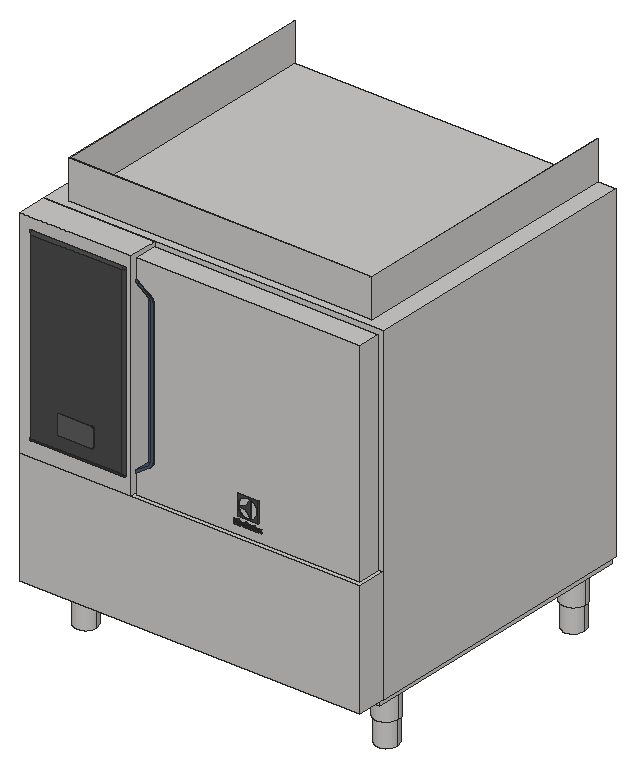
Revit family "QF_ELECTROLUXPROFESSIONAL_727729_EBFA61WE", category Specialty Equipment, Revit 2018 (continued)
Automatic sketch dimensions
  Split face 48 sketch curve to Extrusion 9 = 377.596 mm
  Split face 48 sketch curve to Split face 48 sketch curve = 110.015 mm
  Split face 48 sketch curve to Split face 48 sketch curve = 5.027 mm
  Split face 49 sketch curve to Extrusion 9 = 62.231 mm
  Split face 49 sketch curve to Extrusion 9 = 377.596 mm
  Split face 49 sketch curve to Split face 49 sketch curve = 110.015 mm
  Split face 49 sketch curve to Split face 49 sketch curve = 5.027 mm
  Split face 50 sketch curve to Extrusion 9 = 52.758 mm
  Split face 50 sketch curve to Extrusion 9 = 377.596 mm
  Split face 50 sketch curve to Extrusion 9 = 47.731 mm
  Split face 50 sketch curve to Split face 50 sketch curve = 110.015 mm
  Split face 51 sketch curve to Extrusion 9 = 43.286 mm
  Split face 51 sketch curve to Extrusion 9 = 377.596 mm
  Split face 51 sketch curve to Extrusion 9 = 38.259 mm
  Split face 51 sketch curve to Split face 51 sketch curve = 110.015 mm
  Split face 52 sketch curve to Extrusion 9 = 33.814 mm
  Split face 52 sketch curve to Extrusion 9 = 377.596 mm
  Split face 52 sketch curve to Extrusion 9 = 28.787 mm
  Split face 52 sketch curve to Split face 52 sketch curve = 110.015 mm
  Split face 53 sketch curve to Extrusion 9 = 31.361 mm
  Split face 53 sketch curve to Extrusion 9 = 262.581 mm
  Split face 53 sketch curve to Extrusion 9 = 36.388 mm
  Split face 53 sketch curve to Split face 53 sketch curve = 110.015 mm
  Split face 54 sketch curve to Extrusion 9 = 40.833 mm
  Split face 54 sketch curve to Extrusion 9 = 262.581 mm
  Split face 54 sketch curve to Extrusion 9 = 45.86 mm
  Split face 54 sketch curve to Split face 54 sketch curve = 110.015 mm
  Split face 55 sketch curve to Extrusion 9 = 50.305 mm
  Split face 55 sketch curve to Extrusion 9 = 262.581 mm
  Split face 55 sketch curve to Split face 55 sketch curve = 110.015 mm
  Split face 55 sketch curve to Split face 55 sketch curve = 5.027 mm
  Split face 56 sketch curve to Extrusion 9 = 59.777 mm
  Split face 56 sketch curve to Extrusion 9 = 262.581 mm
  Split face 56 sketch curve to Split face 56 sketch curve = 110.015 mm
  Split face 56 sketch curve to Split face 56 sketch curve = 5.027 mm
  Split face 57 sketch curve to Extrusion 9 = 69.25 mm
  Split face 57 sketch curve to Extrusion 9 = 262.581 mm
  Split face 57 sketch curve to Split face 57 sketch curve = 110.015 mm
  Split face 57 sketch curve to Split face 57 sketch curve = 5.027 mm
  Split face 58 sketch curve to Extrusion 9 = 78.722 mm
  Split face 58 sketch curve to Extrusion 9 = 262.581 mm
  Split face 58 sketch curve to Split face 58 sketch curve = 110.015 mm
  Split face 58 sketch curve to Split face 58 sketch curve = 5.027 mm
  Split face 59 sketch curve to Extrusion 9 = 88.194 mm
  Split face 59 sketch curve to Extrusion 9 = 262.581 mm
  Split face 59 sketch curve to Split face 59 sketch curve = 110.015 mm
  Split face 59 sketch curve to Split face 59 sketch curve = 5.027 mm
  Split face 60 sketch curve to Extrusion 9 = 97.666 mm
  Split face 60 sketch curve to Extrusion 9 = 262.581 mm
  Split face 60 sketch curve to Split face 60 sketch curve = 110.015 mm
  Split face 60 sketch curve to Split face 60 sketch curve = 5.027 mm
  Split face 61 sketch curve to Extrusion 9 = 107.138 mm
  Split face 61 sketch curve to Extrusion 9 = 262.581 mm
  Split face 61 sketch curve to Split face 61 sketch curve = 110.015 mm
  Split face 61 sketch curve to Split face 61 sketch curve = 5.027 mm
  Split face 62 sketch curve to Extrusion 9 = 116.611 mm
  Split face 62 sketch curve to Extrusion 9 = 262.581 mm
  Split face 62 sketch curve to Split face 62 sketch curve = 110.015 mm
  Split face 62 sketch curve to Split face 62 sketch curve = 5.027 mm
  Split face 63 sketch curve to Extrusion 9 = 126.083 mm
  Split face 63 sketch curve to Extrusion 9 = 262.581 mm
  Split face 63 sketch curve to Split face 63 sketch curve = 110.015 mm
  Split face 63 sketch curve to Split face 63 sketch curve = 5.027 mm
  Split face 64 sketch curve to Extrusion 9 = 262.581 mm
  Split face 64 sketch curve to Split face 64 sketch curve = 110.015 mm
  Split face 64 sketch curve to Extrusion 9 = 135.555 mm
  Split face 64 sketch curve to Split face 64 sketch curve = 5.027 mm
  Split face 65 sketch curve to Extrusion 9 = 262.581 mm
  Split face 65 sketch curve to Split face 65 sketch curve = 110.015 mm
  Split face 65 sketch curve to Extrusion 9 = 145.027 mm
  Split face 65 sketch curve to Split face 65 sketch curve = 5.027 mm
  Split face 66 sketch curve to Extrusion 9 = 262.581 mm
  Split face 66 sketch curve to Split face 66 sketch curve = 110.015 mm
  Split face 66 sketch curve to Extrusion 9 = 147.48 mm
  Split face 66 sketch curve to Split face 66 sketch curve = 5.027 mm
  Split face 67 sketch curve to Extrusion 9 = 262.581 mm
  Split face 67 sketch curve to Split face 67 sketch curve = 110.015 mm
  Split face 67 sketch curve to Extrusion 9 = 138.008 mm
  Split face 67 sketch curve to Split face 67 sketch curve = 5.027 mm
  Split face 68 sketch curve to Extrusion 9 = 128.536 mm
  Split face 68 sketch curve to Extrusion 9 = 262.581 mm
  Split face 68 sketch curve to Split face 68 sketch curve = 110.015 mm
  Split face 68 sketch curve to Split face 68 sketch curve = 5.027 mm
  Split face 69 sketch curve to Extrusion 9 = 119.064 mm
  Split face 69 sketch curve to Extrusion 9 = 262.581 mm
  Split face 69 sketch curve to Split face 69 sketch curve = 110.015 mm
  Split face 69 sketch curve to Split face 69 sketch curve = 5.027 mm
  Split face 70 sketch curve to Extrusion 9 = 109.592 mm
  Split face 70 sketch curve to Extrusion 9 = 262.581 mm
  Split face 70 sketch curve to Split face 70 sketch curve = 110.015 mm
  Split face 70 sketch curve to Split face 70 sketch curve = 5.027 mm
  Split face 71 sketch curve to Extrusion 9 = 100.119 mm
  Split face 71 sketch curve to Extrusion 9 = 262.581 mm
  Split face 71 sketch curve to Split face 71 sketch curve = 110.015 mm
  Split face 71 sketch curve to Split face 71 sketch curve = 5.027 mm
  Split face 72 sketch curve to Extrusion 9 = 90.647 mm
  Split face 72 sketch curve to Extrusion 9 = 262.581 mm
  Split face 72 sketch curve to Split face 72 sketch curve = 110.015 mm
  Split face 72 sketch curve to Split face 72 sketch curve = 5.027 mm
  Split face 73 sketch curve to Extrusion 9 = 81.175 mm
  Split face 73 sketch curve to Extrusion 9 = 262.581 mm
  Split face 73 sketch curve to Split face 73 sketch curve = 110.015 mm
  Split face 73 sketch curve to Split face 73 sketch curve = 5.027 mm
  Split face 74 sketch curve to Extrusion 9 = 71.703 mm
  Split face 74 sketch curve to Extrusion 9 = 262.581 mm
  Split face 74 sketch curve to Split face 74 sketch curve = 110.015 mm
  Split face 74 sketch curve to Split face 74 sketch curve = 5.027 mm
  Split face 75 sketch curve to Extrusion 9 = 62.231 mm
  Split face 75 sketch curve to Extrusion 9 = 262.581 mm
  Split face 75 sketch curve to Split face 75 sketch curve = 110.015 mm
  Split face 75 sketch curve to Split face 75 sketch curve = 5.027 mm
  Split face 76 sketch curve to Extrusion 9 = 52.758 mm
  Split face 76 sketch curve to Extrusion 9 = 262.581 mm
  Split face 76 sketch curve to Extrusion 9 = 47.731 mm
  Split face 76 sketch curve to Split face 76 sketch curve = 110.015 mm
  Split face 77 sketch curve to Extrusion 9 = 43.286 mm
  Split face 77 sketch curve to Extrusion 9 = 262.581 mm
  Split face 77 sketch curve to Extrusion 9 = 38.259 mm
  Split face 77 sketch curve to Split face 77 sketch curve = 110.015 mm
  Split face 78 sketch curve to Extrusion 9 = 33.814 mm
  Split face 78 sketch curve to Extrusion 9 = 262.581 mm
  Split face 78 sketch curve to Extrusion 9 = 28.787 mm
  Split face 78 sketch curve to Split face 78 sketch curve = 110.015 mm
  Split face 79 sketch curve to Extrusion 9 = 31.361 mm
  Split face 79 sketch curve to Extrusion 9 = 147.565 mm
  Split face 79 sketch curve to Extrusion 9 = 36.388 mm
  Split face 79 sketch curve to Split face 79 sketch curve = 110.015 mm
  Split face 80 sketch curve to Extrusion 9 = 40.833 mm
  Split face 80 sketch curve to Extrusion 9 = 147.565 mm
  Split face 80 sketch curve to Extrusion 9 = 45.86 mm
  Split face 80 sketch curve to Split face 80 sketch curve = 110.015 mm
  Split face 81 sketch curve to Extrusion 9 = 50.305 mm
  Split face 81 sketch curve to Extrusion 9 = 147.565 mm
  Split face 81 sketch curve to Split face 81 sketch curve = 110.015 mm
  Split face 81 sketch curve to Split face 81 sketch curve = 5.027 mm
  Split face 82 sketch curve to Extrusion 9 = 59.777 mm
  Split face 82 sketch curve to Extrusion 9 = 147.565 mm
  Split face 82 sketch curve to Split face 82 sketch curve = 110.015 mm
  Split face 82 sketch curve to Split face 82 sketch curve = 5.027 mm
  Split face 83 sketch curve to Extrusion 9 = 69.25 mm
  Split face 83 sketch curve to Extrusion 9 = 147.565 mm
  Split face 83 sketch curve to Split face 83 sketch curve = 110.015 mm
  Split face 83 sketch curve to Split face 83 sketch curve = 5.027 mm
  Split face 84 sketch curve to Extrusion 9 = 147.565 mm
  Split face 84 sketch curve to Split face 84 sketch curve = 110.015 mm
  Split face 84 sketch curve to Extrusion 9 = 78.722 mm
  Split face 84 sketch curve to Split face 84 sketch curve = 5.027 mm
  Split face 85 sketch curve to Extrusion 9 = 147.565 mm
  Split face 85 sketch curve to Split face 85 sketch curve = 110.015 mm
  Split face 85 sketch curve to Extrusion 9 = 88.194 mm
  Split face 85 sketch curve to Split face 85 sketch curve = 5.027 mm
  Split face 86 sketch curve to Extrusion 9 = 147.565 mm
  Split face 86 sketch curve to Split face 86 sketch curve = 110.015 mm
  Split face 86 sketch curve to Extrusion 9 = 97.666 mm
  Split face 86 sketch curve to Split face 86 sketch curve = 5.027 mm
  Split face 87 sketch curve to Extrusion 9 = 147.565 mm
  Split face 87 sketch curve to Split face 87 sketch curve = 110.015 mm
  Split face 87 sketch curve to Extrusion 9 = 107.138 mm
  Split face 87 sketch curve to Split face 87 sketch curve = 5.027 mm
  Split face 88 sketch curve to Extrusion 9 = 147.565 mm
  Split face 88 sketch curve to Split face 88 sketch curve = 110.015 mm
  Split face 88 sketch curve to Extrusion 9 = 116.611 mm
  Split face 88 sketch curve to Split face 88 sketch curve = 5.027 mm
  Split face 89 sketch curve to Extrusion 9 = 147.565 mm
  Split face 89 sketch curve to Split face 89 sketch curve = 110.015 mm
  Split face 89 sketch curve to Extrusion 9 = 126.083 mm
  Split face 89 sketch curve to Split face 89 sketch curve = 5.027 mm
  Split face 90 sketch curve to Extrusion 9 = 147.565 mm
  Split face 90 sketch curve to Split face 90 sketch curve = 110.015 mm
  Split face 90 sketch curve to Extrusion 9 = 135.555 mm
  Split face 90 sketch curve to Split face 90 sketch curve = 5.027 mm
  Split face 91 sketch curve to Extrusion 9 = 147.565 mm
  Split face 91 sketch curve to Split face 91 sketch curve = 110.015 mm
  Split face 91 sketch curve to Extrusion 9 = 145.027 mm
  Split face 91 sketch curve to Split face 91 sketch curve = 5.027 mm
  Split face 92 sketch curve to Extrusion 9 = 147.565 mm
  Split face 92 sketch curve to Split face 92 sketch curve = 110.015 mm
  Split face 92 sketch curve to Extrusion 9 = 147.48 mm
  Split face 92 sketch curve to Split face 92 sketch curve = 5.027 mm
  Split face 93 sketch curve to Extrusion 9 = 147.565 mm
  Split face 93 sketch curve to Split face 93 sketch curve = 110.015 mm
  Split face 93 sketch curve to Extrusion 9 = 138.008 mm
  Split face 93 sketch curve to Split face 93 sketch curve = 5.027 mm
  Split face 94 sketch curve to Extrusion 9 = 147.565 mm
  Split face 94 sketch curve to Split face 94 sketch curve = 110.015 mm
  Split face 94 sketch curve to Extrusion 9 = 128.536 mm
  Split face 94 sketch curve to Split face 94 sketch curve = 5.027 mm
  Split face 95 sketch curve to Extrusion 9 = 147.565 mm
  Split face 95 sketch curve to Split face 95 sketch curve = 110.015 mm
  Split face 95 sketch curve to Extrusion 9 = 119.064 mm
  Split face 95 sketch curve to Split face 95 sketch curve = 5.027 mm
  Split face 96 sketch curve to Extrusion 9 = 147.565 mm
  Split face 96 sketch curve to Split face 96 sketch curve = 110.015 mm
  Split face 96 sketch curve to Extrusion 9 = 109.592 mm
  Split face 96 sketch curve to Split face 96 sketch curve = 5.027 mm
  Split face 97 sketch curve to Extrusion 9 = 147.565 mm
  Split face 97 sketch curve to Split face 97 sketch curve = 110.015 mm
  Split face 97 sketch curve to Extrusion 9 = 100.119 mm
  Split face 97 sketch curve to Split face 97 sketch curve = 5.027 mm
  Split face 98 sketch curve to Extrusion 9 = 147.565 mm
  Split face 98 sketch curve to Split face 98 sketch curve = 110.015 mm
  Split face 98 sketch curve to Extrusion 9 = 90.647 mm
  Split face 98 sketch curve to Split face 98 sketch curve = 5.027 mm
  Split face 99 sketch curve to Extrusion 9 = 147.565 mm
  Split face 99 sketch curve to Split face 99 sketch curve = 110.015 mm
  Split face 99 sketch curve to Extrusion 9 = 81.175 mm
  Split face 99 sketch curve to Split face 99 sketch curve = 5.027 mm
  Split face 100 sketch curve to Extrusion 9 = 71.703 mm
  Split face 100 sketch curve to Extrusion 9 = 147.565 mm
  Split face 100 sketch curve to Split face 100 sketch curve = 110.015 mm
  Split face 100 sketch curve to Split face 100 sketch curve = 5.027 mm
  Split face 101 sketch curve to Extrusion 9 = 62.231 mm
  Split face 101 sketch curve to Extrusion 9 = 147.565 mm
  Split face 101 sketch curve to Split face 101 sketch curve = 110.015 mm
  Split face 101 sketch curve to Split face 101 sketch curve = 5.027 mm
  Split face 102 sketch curve to Extrusion 9 = 52.758 mm
  Split face 102 sketch curve to Extrusion 9 = 147.565 mm
  Split face 102 sketch curve to Extrusion 9 = 47.731 mm
  Split face 102 sketch curve to Split face 102 sketch curve = 110.015 mm
  Split face 103 sketch curve to Extrusion 9 = 43.286 mm
  Split face 103 sketch curve to Extrusion 9 = 147.565 mm
  Split face 103 sketch curve to Extrusion 9 = 38.259 mm
  Split face 103 sketch curve to Split face 103 sketch curve = 110.015 mm
  Split face 104 sketch curve to Extrusion 9 = 33.814 mm
  Split face 104 sketch curve to Extrusion 9 = 147.565 mm
  Split face 104 sketch curve to Extrusion 9 = 28.787 mm
  Split face 104 sketch curve to Split face 104 sketch curve = 110.015 mm
  Split face 105 sketch curve to Extrusion 9 = 32.55 mm
  Split face 105 sketch curve to Extrusion 9 = 36.388 mm
  Split face 105 sketch curve to Split face 105 sketch curve = 110.015 mm
  Split face 105 sketch curve to Split face 105 sketch curve = 5.027 mm
  Split face 106 sketch curve to Extrusion 9 = 32.55 mm
  Split face 106 sketch curve to Extrusion 9 = 45.86 mm
  Split face 106 sketch curve to Split face 106 sketch curve = 110.015 mm
  Split face 106 sketch curve to Split face 106 sketch curve = 5.027 mm
  Split face 107 sketch curve to Extrusion 9 = 32.55 mm
  Split face 107 sketch curve to Split face 107 sketch curve = 110.015 mm
  Split face 107 sketch curve to Extrusion 9 = 50.305 mm
  Split face 107 sketch curve to Split face 107 sketch curve = 5.027 mm
  Split face 108 sketch curve to Extrusion 9 = 32.55 mm
  Split face 108 sketch curve to Split face 108 sketch curve = 110.015 mm
  Split face 108 sketch curve to Extrusion 9 = 59.777 mm
  Split face 108 sketch curve to Split face 108 sketch curve = 5.027 mm
  Split face 109 sketch curve to Extrusion 9 = 32.55 mm
  Split face 109 sketch curve to Split face 109 sketch curve = 110.015 mm
  Split face 109 sketch curve to Extrusion 9 = 69.25 mm
  Split face 109 sketch curve to Split face 109 sketch curve = 5.027 mm
  Split face 110 sketch curve to Extrusion 9 = 32.55 mm
  Split face 110 sketch curve to Split face 110 sketch curve = 110.015 mm
  Split face 110 sketch curve to Extrusion 9 = 78.722 mm
  Split face 110 sketch curve to Split face 110 sketch curve = 5.027 mm
  Split face 111 sketch curve to Extrusion 9 = 32.55 mm
  Split face 111 sketch curve to Split face 111 sketch curve = 110.015 mm
  Split face 111 sketch curve to Extrusion 9 = 88.194 mm
  Split face 111 sketch curve to Split face 111 sketch curve = 5.027 mm
  Split face 112 sketch curve to Extrusion 9 = 32.55 mm
  Split face 112 sketch curve to Split face 112 sketch curve = 110.015 mm
  Split face 112 sketch curve to Extrusion 9 = 97.666 mm
  Split face 112 sketch curve to Split face 112 sketch curve = 5.027 mm
  Split face 113 sketch curve to Extrusion 9 = 32.55 mm
  Split face 113 sketch curve to Split face 113 sketch curve = 110.015 mm
  Split face 113 sketch curve to Extrusion 9 = 107.138 mm
  Split face 113 sketch curve to Split face 113 sketch curve = 5.027 mm
  Split face 114 sketch curve to Extrusion 9 = 32.55 mm
  Split face 114 sketch curve to Split face 114 sketch curve = 110.015 mm
  Split face 114 sketch curve to Extrusion 9 = 116.611 mm
  Split face 114 sketch curve to Split face 114 sketch curve = 5.027 mm
  Split face 115 sketch curve to Extrusion 9 = 32.55 mm
  Split face 115 sketch curve to Split face 115 sketch curve = 110.015 mm
  Split face 115 sketch curve to Extrusion 9 = 126.083 mm
  Split face 115 sketch curve to Split face 115 sketch curve = 5.027 mm
  Split face 116 sketch curve to Extrusion 9 = 32.55 mm
  Split face 116 sketch curve to Split face 116 sketch curve = 110.015 mm
  Split face 116 sketch curve to Extrusion 9 = 135.555 mm
  Split face 116 sketch curve to Split face 116 sketch curve = 5.027 mm
  Split face 117 sketch curve to Extrusion 9 = 32.55 mm
  Split face 117 sketch curve to Split face 117 sketch curve = 110.015 mm
  Split face 117 sketch curve to Extrusion 9 = 145.027 mm
  Split face 117 sketch curve to Split face 117 sketch curve = 5.027 mm
  Split face 118 sketch curve to Extrusion 9 = 32.55 mm
  Split face 118 sketch curve to Split face 118 sketch curve = 110.015 mm
  Split face 118 sketch curve to Extrusion 9 = 147.48 mm
  Split face 118 sketch curve to Split face 118 sketch curve = 5.027 mm
  Split face 119 sketch curve to Extrusion 9 = 32.55 mm
  Split face 119 sketch curve to Split face 119 sketch curve = 110.015 mm
  Split face 119 sketch curve to Extrusion 9 = 138.008 mm
  Split face 119 sketch curve to Split face 119 sketch curve = 5.027 mm
  Split face 120 sketch curve to Extrusion 9 = 32.55 mm
  Split face 120 sketch curve to Split face 120 sketch curve = 110.015 mm
  Split face 120 sketch curve to Extrusion 9 = 128.536 mm
  Split face 120 sketch curve to Split face 120 sketch curve = 5.027 mm
  Split face 121 sketch curve to Extrusion 9 = 32.55 mm
  Split face 121 sketch curve to Split face 121 sketch curve = 110.015 mm
  Split face 121 sketch curve to Extrusion 9 = 119.064 mm
  Split face 121 sketch curve to Split face 121 sketch curve = 5.027 mm
  Split face 122 sketch curve to Extrusion 9 = 32.55 mm
  Split face 122 sketch curve to Split face 122 sketch curve = 110.015 mm
  Split face 122 sketch curve to Extrusion 9 = 109.592 mm
  Split face 122 sketch curve to Split face 122 sketch curve = 5.027 mm
  Split face 123 sketch curve to Extrusion 9 = 32.55 mm
  Split face 123 sketch curve to Split face 123 sketch curve = 110.015 mm
  Split face 123 sketch curve to Extrusion 9 = 100.119 mm
  Split face 123 sketch curve to Split face 123 sketch curve = 5.027 mm
  Split face 124 sketch curve to Extrusion 9 = 32.55 mm
  Split face 124 sketch curve to Split face 124 sketch curve = 110.015 mm
  Split face 124 sketch curve to Extrusion 9 = 90.647 mm
  Split face 124 sketch curve to Split face 124 sketch curve = 5.027 mm
  Split face 125 sketch curve to Extrusion 9 = 32.55 mm
  Split face 125 sketch curve to Split face 125 sketch curve = 110.015 mm
  Split face 125 sketch curve to Extrusion 9 = 81.175 mm
  Split face 125 sketch curve to Split face 125 sketch curve = 5.027 mm
  Split face 126 sketch curve to Extrusion 9 = 32.55 mm
  Split face 126 sketch curve to Split face 126 sketch curve = 110.015 mm
  Split face 126 sketch curve to Extrusion 9 = 71.703 mm
  Split face 126 sketch curve to Split face 126 sketch curve = 5.027 mm
  Split face 127 sketch curve to Extrusion 9 = 32.55 mm
  Split face 127 sketch curve to Split face 127 sketch curve = 110.015 mm
  Split face 127 sketch curve to Extrusion 9 = 62.231 mm
  Split face 127 sketch curve to Split face 127 sketch curve = 5.027 mm
  Split face 128 sketch curve to Extrusion 9 = 32.55 mm
  Split face 128 sketch curve to Extrusion 9 = 47.731 mm
  Split face 128 sketch curve to Split face 128 sketch curve = 110.015 mm
  Split face 128 sketch curve to Split face 128 sketch curve = 5.027 mm
  Split face 129 sketch curve to Extrusion 9 = 32.55 mm
  Split face 129 sketch curve to Extrusion 9 = 38.259 mm
  Split face 129 sketch curve to Split face 129 sketch curve = 110.015 mm
  Split face 129 sketch curve to Split face 129 sketch curve = 5.027 mm
  Split face 130 sketch curve to Extrusion 9 = 32.55 mm
  Split face 130 sketch curve to Extrusion 9 = 28.787 mm
  Split face 130 sketch curve to Split face 130 sketch curve = 110.015 mm
  Split face 130 sketch curve to Split face 130 sketch curve = 5.027 mm
  Extrusion 12 sketch curve to plane 5 "BACK" = 0 mm  (x2)
  Extrusion 12 sketch curve to plane 14 = 0 mm  (x2)
  Extrusion 12 sketch curve to plane 3 "Center Y" = 141.58 mm
  Extrusion 12 sketch curve to Extrusion 12 sketch curve = 1.631 mm  (x2)
  Extrusion 12 sketch curve to Extrusion 12 sketch curve = 9.723 mm
  plane 9 to Extrusion 12 sketch curve = 80.967 mm
  plane 9 to Extrusion 12 sketch curve = 72.875 mm
  Extrusion 13 sketch curve to plane 13 "TOP" = 0.005 mm
  plane 7 "FRONT" to Extrusion 13 sketch curve = 0 mm
  plane 15 to Extrusion 13 sketch curve = 47.24 mm
  Extrusion 13 sketch curve to Extrusion 13 sketch curve = 8.487 mm
  Extrusion 13 sketch curve to Extrusion 13 sketch curve = 8.95 mm
  Extrusion 13 sketch curve to Extrusion 13 sketch curve = 10.513 mm
  Extrusion 13 sketch curve to Extrusion 13 sketch curve = 20 mm
  Extrusion 13 sketch curve to Extrusion 13 sketch curve = 35.79 mm
  Extrusion 13 sketch curve to Extrusion 13 sketch curve = 36.253 mm
  Extrusion 13 sketch curve to Extrusion 13 sketch curve = 51.135 mm
  Extrusion 13 sketch curve to Extrusion 13 sketch curve = 24.082 mm
  Extrusion 13 sketch curve to Extrusion 13 sketch curve = 374.913 mm
  Extrusion 13 sketch curve to Extrusion 13 sketch curve = 23.723 mm
  plane 8 to Extrusion 13 sketch curve = 332.497 mm
  Extrusion 14 sketch curve to Extrusion 13 = 0 mm  (x6)
  Extrusion 13 to Extrusion 14 sketch curve = 0 mm  (x2)
  Extrusion 13 to Extrusion 14 sketch curve = 8.487 mm
  Extrusion 13 to Extrusion 14 sketch curve = 8.95 mm
  Extrusion 14 sketch curve to Extrusion 14 sketch curve = 11.05 mm
  Extrusion 15 sketch curve to Extrusion 15 sketch curve = 0 mm  (x2)
  Extrusion 15 sketch curve to Extrusion 13 = 0 mm  (x5)
  Extrusion 13 to Extrusion 15 sketch curve = 2.5 mm  (x2)
  Extrusion 15 sketch curve to Extrusion 15 sketch curve = 13.5 mm
  Extrusion 13 to Extrusion 15 sketch curve = 12.541 mm
  Extrusion 15 sketch curve to Extrusion 15 sketch curve = 5.583 mm
  Extrusion 15 sketch curve to Extrusion 15 sketch curve = 3.591 mm
  Extrusion 15 sketch curve to Extrusion 15 sketch curve = 3.597 mm
  Extrusion 15 sketch curve to Extrusion 15 sketch curve = 6.141 mm
  Extrusion 15 sketch curve to Extrusion 15 sketch curve = 6.143 mm
  Extrusion 16 sketch curve to plane 7 "FRONT" = 0 mm
  plane 15 to Extrusion 16 sketch curve = 2.5 mm
  Extrusion 16 sketch curve to plane 11 = 2 mm
  Extrusion 16 sketch curve to plane 6 "RIGHT" = 21.029 mm
  plane 7 "FRONT" to Extrusion 16 sketch curve = 16.966 mm
  curve 15 to plane 7 "FRONT" = 0 mm
  curve 3 to plane 6 "RIGHT" = 0 mm
  curve 17 to plane 7 "FRONT" = 0 mm
  curve 10 to plane 5 "BACK" = 0 mm
  curve 10 to plane 14 = 0 mm
  curve 2 to plane 4 "LEFT" = 0 mm
  plane 15 to curve 15 = 2.5 mm
  plane 6 "RIGHT" to curve 15 = 6 mm
  curve 14 to plane 6 "RIGHT" = 21.029 mm
  curve 16 to plane 11 = 2 mm
  curve 10 to plane 3 "Center Y" = 151.303 mm
  curve 6 to plane 7 "FRONT" = 5 mm
  curve 6 to plane 3 "Center Y" = 176 mm
  plane 9 to curve 8 = 80.967 mm
  plane 9 to curve 12 = 22.5 mm
  plane 9 to curve 13 = 1.5 mm
  curve 5 to plane 9 = 17.5 mm
  curve 13 to curve 13 = 29 mm
  plane 7 "FRONT" to curve 14 = 16.966 mm
  curve 10 to curve 9 = 8.092 mm
  curve 6 to curve 5 = 8 mm
  curve 8 to curve 12 = 50.375 mm
  curve 5 to curve 7 = 8 mm
  Extrusion 17 sketch curve to plane 5 "BACK" = 0 mm  (x2)
  Extrusion 17 sketch curve to plane 9 = 3 mm
  Extrusion 17 sketch curve to plane 9 = 1 mm
  plane 11 to Extrusion 17 sketch curve = 1 mm
  Extrusion 17 sketch curve to Extrusion 17 sketch curve = 2 mm  (x2)
  Extrusion 17 sketch curve to plane 12 = 49 mm
  radius of Extrusion 5 sketch curve = 10.5 mm
  radius of Extrusion 6 sketch curve to Extrusion 2 = 0 mm
  radius of Extrusion 7 sketch curve to Extrusion 2 = 0 mm
  radius of Extrusion 7 sketch curve to Extrusion 2 = 6.5 mm
  radius of Extrusion 11 sketch curve = 9.5 mm
  radius of Extrusion 14 sketch curve to Extrusion 13 = 0 mm
  radius of Extrusion 15 sketch curve to Extrusion 13 = 0 mm
  radius of Extrusion 15 sketch curve to Extrusion 13 = 6.5 mm
Nested families
  nested 1: "Foot_Complete" at (-708, -142.149, 0), type "Foot_Complete"
    with H 130 mm
  nested 2: "Foot_Complete" at (85, -142.149, 0), type "Foot_Complete"
    with H 130 mm
  nested 3: "Foot_Complete" at (85, 473.851, 0), type "Foot_Complete"
    with H 130 mm
  nested 4: "Foot_Complete" at (-708, 473.851, 0), type "Foot_Complete"
    with H 130 mm
  nested 5: "ELX_Logo_S_New" at (-157.603, -295.149, 492.497) x (1, 0, 0) z (0, -1, 0), visible <- "Show Logo", type "ELX_Logo_S_New"
    with M QF_Finishes_Black
  nested 6: "ELX_Logo_Symbol" at (-157.603, -295.149, 532.497) x (-1, 0, 0) z (0, -1, 0), visible <- "Show Logo", type "ELX_Logo_Symbol"
    with M QF_Finishes_Black
  nested 7: "ELX_Touch" at (-606.5, -295.149, 741.265) x (1, 0, 0) z (0, -1, 0), type "ELX_Touch"
Connectors
  electrical at (-696, 577.851, 258), driven by "Volts"
    settings: on Extrusion 5, index 5, voltage 380 V, apparent load 0 VA, apparent load phase1 0 VA, apparent load phase2 0 VA, apparent load phase3 0 VA, power factor 1, load classification "Altro", number of poles 1, system type 30, power factor state 1, is connector primary yes, connector utility no, sub classification motor no, connector description "Electrical Connection"
  piping at (-360, 215.851, 98.32), diameter 19
    settings: on cut or joined group of Extrusion 1, Extrusion 3, Extrusion 4, Extrusion 5, Extrusion 10, Extrusion 11, Extrusion 12, index 6, connector inside diameter 609.6 mm, connector length 0 mm, flow factor 0, pipe flow 0.0 L/s, pressure drop 0.0 Pa, fitting loss kfactor 0, connector angle 0.00°, fixture units 0, engagement length 0 mm, angle of deflection 0.00°, flow configuration 1, flow direction 2, fitting loss method 0, system type 16, joint type 0, gender type 0, connector reference index -1, connector utility 0, adjustable connector no, is connector primary yes, connector description "Drain"
Definition of nested family "Foot_Complete"
  Parameters
    R = 32 mm
    H = 150 mm
  Reference planes
    plane 1 "Centro (Fronte/Retro)": y = 0
    plane 2: z = 0
    plane 3 "Centro (Sinistra/Destra)": x = 0
    plane 4: z = 150
  Forms (mm)
    Revolve 1, solid
      sketch origin (255.05, 0, 608.09) x (0, 0, 1) y (-1, 0, 0)
        loop
          line (-608.09, 255.05) -> (-608.09, 226.55) -> (-544.09, 226.55) -> (-544.09, 223.05) -> (-458.09, 223.05) -> (-458.09, 255.05) -> (-608.09, 255.05)
        axis (-608.09, 255.05) -> (-458.09, 255.05)
      angle from 0 to 360
  Dimensions and locks
    locked: level to Revolve 1 sketch curve at 64
    "R": Revolve 1 sketch curve to plane 3 "Centro (Sinistra/Destra)"
    "H": plane 4 to level
    aligned and locked: level to plane 2
    aligned and locked: plane 4 to Revolve 1 sketch curve
    aligned and locked: Revolve 1 sketch curve to level
    aligned and locked: plane 3 "Centro (Sinistra/Destra)" to Revolve 1 sketch curve
  Automatic sketch dimensions
    Revolve 1 sketch curve to plane 3 "Centro (Sinistra/Destra)" = 0 mm
    plane 3 "Centro (Sinistra/Destra)" to Revolve 1 sketch curve = 28.5 mm
    Revolve 1 sketch curve to Revolve 1 sketch curve = 50 mm
    Revolve 1 sketch curve to Revolve 1 sketch curve = 20 mm
Definition of nested family "ELX_Logo_S_New"
  Parameters
    Default Elevation = 0 mm
    M [instance] = none
  Reference planes
    plane 1 "Centro (Fronte/Retro)": y = 0
    plane 2: z = 0
    plane 3 "Centro (Sinistra/Destra)": x = 0
  Forms (mm)
    Extrusion 1, solid
      sketch origin (0, 0, 0) x (1, 0, 0) y (0, 1, 0)
        loop
          line (-1219.2, 1219.2) -> (-1219.2, -1219.2) -> (1219.2, -1219.2) -> (1219.2, 1219.2) -> (-1219.2, 1219.2)
      from 0 to -304.8
    Extrusion 2, solid, material <- "M"
      sketch origin (0, 0, 0) x (1, 0, 0) y (0, 1, 0)
        loop
          spline (-32.537, -4.135) -> (-32.702, -4.128) -> (-32.877, -4.105) -> (-33.059, -4.064) -> (-33.242, -4.002) -> (-33.422, -3.916) -> (-33.593, -3.803) -> (-33.751, -3.66) -> (-33.891, -3.486) -> (-34.008, -3.276) -> (-34.098, -3.029) -> (-34.155, -2.741) -> (-34.176, -2.41)
          line (-34.176, -2.41) -> (-34.176, -0.943) -> (-29.331, -0.943) -> (-29.331, 0.928) -> (-34.176, 0.928) -> (-34.176, 3.652) -> (-29.023, 3.652) -> (-29.023, 5.518) -> (-36.159, 5.518) -> (-36.159, -2.326)
          spline (-36.159, -2.326) -> (-36.142, -2.808) -> (-36.088, -3.263) -> (-35.996, -3.688) -> (-35.867, -4.083) -> (-35.698, -4.445) -> (-35.489, -4.773) -> (-35.239, -5.066) -> (-34.946, -5.322) -> (-34.61, -5.539) -> (-34.23, -5.716) -> (-33.804, -5.851) -> (-33.332, -5.943)
          line (-33.332, -5.943) -> (-32.554, -5.999) -> (-28.885, -5.999) -> (-28.885, -4.135) -> (-32.537, -4.135)
        loop
          line (-27.476, 0.076) -> (-27.476, -6.002) -> (-25.492, -6.002) -> (-25.492, 5.521) -> (-27.476, 5.521) -> (-27.476, 0.076)
        loop
          spline (-15.702, -2.321) -> (-15.689, -1.697) -> (-15.749, -1.094) -> (-15.879, -0.516) -> (-16.078, 0.029) -> (-16.341, 0.538) -> (-16.668, 1.004) -> (-17.055, 1.422) -> (-17.5, 1.786) -> (-17.999, 2.091) -> (-18.552, 2.331) -> (-19.154, 2.5) -> (-19.804, 2.594)
          spline (-19.804, 2.594) -> (-20.422, 2.558) -> (-21.009, 2.453) -> (-21.56, 2.28) -> (-22.072, 2.042) -> (-22.54, 1.743) -> (-22.96, 1.385) -> (-23.327, 0.97) -> (-23.638, 0.502) -> (-23.887, -0.018) -> (-24.07, -0.586) -> (-24.183, -1.2) -> (-24.222, -1.857)
          spline (-24.222, -1.857) -> (-24.184, -2.498) -> (-24.074, -3.097) -> (-23.895, -3.652) -> (-23.651, -4.16) -> (-23.344, -4.618) -> (-22.979, -5.023) -> (-22.559, -5.374) -> (-22.087, -5.667) -> (-21.567, -5.899) -> (-21.003, -6.068) -> (-20.397, -6.172) -> (-19.754, -6.207)
          spline (-19.754, -6.207) -> (-19.44, -6.2) -> (-19.13, -6.176) -> (-18.823, -6.135) -> (-18.52, -6.074) -> (-18.221, -5.993) -> (-17.925, -5.89) -> (-17.634, -5.762) -> (-17.346, -5.609) -> (-17.062, -5.43) -> (-16.782, -5.221) -> (-16.506, -4.983) -> (-16.234, -4.713)
          line (-16.234, -4.713) -> (-17.429, -3.55)
          spline (-17.429, -3.55) -> (-17.587, -3.702) -> (-17.745, -3.841) -> (-17.906, -3.967) -> (-18.07, -4.08) -> (-18.239, -4.181) -> (-18.415, -4.268) -> (-18.599, -4.343) -> (-18.792, -4.404) -> (-18.996, -4.452) -> (-19.213, -4.486) -> (-19.443, -4.506) -> (-19.688, -4.513)
          spline (-19.688, -4.513) -> (-20.047, -4.496) -> (-20.383, -4.443) -> (-20.696, -4.358) -> (-20.984, -4.24) -> (-21.246, -4.092) -> (-21.479, -3.915) -> (-21.683, -3.711) -> (-21.856, -3.48) -> (-21.997, -3.224) -> (-22.104, -2.945) -> (-22.176, -2.643) -> (-22.212, -2.321)
          line (-22.212, -2.321) -> (-15.702, -2.321)
        loop
          spline (-17.695, -0.926) -> (-17.714, -0.681) -> (-17.771, -0.445) -> (-17.861, -0.221) -> (-17.984, -0.01) -> (-18.135, 0.184) -> (-18.314, 0.36) -> (-18.516, 0.516) -> (-18.741, 0.648) -> (-18.984, 0.755) -> (-19.244, 0.834) -> (-19.518, 0.883) -> (-19.804, 0.9)
          spline (-19.804, 0.9) -> (-20.11, 0.884) -> (-20.405, 0.835) -> (-20.686, 0.757) -> (-20.95, 0.652) -> (-21.195, 0.521) -> (-21.419, 0.367) -> (-21.618, 0.192) -> (-21.79, -0.003) -> (-21.934, -0.214) -> (-22.045, -0.439) -> (-22.122, -0.678) -> (-22.162, -0.926)
          line (-22.162, -0.926) -> (-17.695, -0.926)
        loop
          spline (-12.669, -1.807) -> (-12.646, -1.438) -> (-12.58, -1.088) -> (-12.472, -0.759) -> (-12.326, -0.455) -> (-12.145, -0.177) -> (-11.93, 0.072) -> (-11.685, 0.289) -> (-11.412, 0.473) -> (-11.114, 0.62) -> (-10.793, 0.728) -> (-10.453, 0.794) -> (-10.095, 0.817)
          spline (-10.095, 0.817) -> (-9.876, 0.81) -> (-9.665, 0.79) -> (-9.464, 0.756) -> (-9.271, 0.709) -> (-9.086, 0.65) -> (-8.908, 0.578) -> (-8.737, 0.495) -> (-8.572, 0.399) -> (-8.414, 0.292) -> (-8.261, 0.173) -> (-8.113, 0.044) -> (-7.969, -0.096)
          line (-7.969, -0.096) -> (-6.741, 1.183)
          spline (-6.741, 1.183) -> (-6.985, 1.427) -> (-7.237, 1.647) -> (-7.496, 1.843) -> (-7.762, 2.015) -> (-8.034, 2.164) -> (-8.312, 2.291) -> (-8.596, 2.397) -> (-8.886, 2.482) -> (-9.181, 2.546) -> (-9.481, 2.592) -> (-9.786, 2.619) -> (-10.095, 2.627)
          spline (-10.095, 2.627) -> (-10.715, 2.589) -> (-11.308, 2.476) -> (-11.871, 2.294) -> (-12.396, 2.046) -> (-12.88, 1.736) -> (-13.316, 1.369) -> (-13.7, 0.949) -> (-14.026, 0.48) -> (-14.289, -0.035) -> (-14.483, -0.59) -> (-14.604, -1.182) -> (-14.645, -1.807)
          spline (-14.645, -1.807) -> (-14.604, -2.431) -> (-14.483, -3.023) -> (-14.289, -3.578) -> (-14.026, -4.093) -> (-13.7, -4.562) -> (-13.316, -4.983) -> (-12.88, -5.35) -> (-12.396, -5.659) -> (-11.871, -5.907) -> (-11.308, -6.09) -> (-10.715, -6.202) -> (-10.095, -6.24)
          spline (-10.095, -6.24) -> (-9.786, -6.232) -> (-9.481, -6.205) -> (-9.181, -6.16) -> (-8.886, -6.095) -> (-8.596, -6.01) -> (-8.312, -5.904) -> (-8.034, -5.777) -> (-7.762, -5.628) -> (-7.496, -5.456) -> (-7.237, -5.26) -> (-6.985, -5.04) -> (-6.741, -4.796)
          line (-6.741, -4.796) -> (-7.969, -3.517)
          spline (-7.969, -3.517) -> (-8.113, -3.657) -> (-8.261, -3.786) -> (-8.414, -3.905) -> (-8.572, -4.012) -> (-8.737, -4.108) -> (-8.908, -4.192) -> (-9.086, -4.263) -> (-9.271, -4.323) -> (-9.464, -4.369) -> (-9.665, -4.403) -> (-9.876, -4.423) -> (-10.095, -4.43)
          spline (-10.095, -4.43) -> (-10.453, -4.408) -> (-10.793, -4.341) -> (-11.114, -4.233) -> (-11.412, -4.086) -> (-11.685, -3.902) -> (-11.93, -3.685) -> (-12.145, -3.436) -> (-12.326, -3.158) -> (-12.472, -2.854) -> (-12.58, -2.526) -> (-12.646, -2.176) -> (-12.669, -1.807)
        loop
          spline (-1.683, -4.138) -> (-1.858, -4.14) -> (-2.045, -4.127) -> (-2.24, -4.095) -> (-2.438, -4.04) -> (-2.633, -3.959) -> (-2.822, -3.85) -> (-2.998, -3.709) -> (-3.157, -3.533) -> (-3.294, -3.318) -> (-3.404, -3.061) -> (-3.483, -2.76) -> (-3.524, -2.411)
          line (-3.524, -2.411) -> (-3.524, 0.529) -> (-1.72, 0.529) -> (-1.72, 2.331) -> (-3.522, 2.331) -> (-3.522, 5.521) -> (-5.506, 5.521) -> (-5.506, -2.523)
          spline (-5.506, -2.523) -> (-5.463, -2.99) -> (-5.386, -3.429) -> (-5.274, -3.839) -> (-5.126, -4.218) -> (-4.941, -4.564) -> (-4.717, -4.877) -> (-4.455, -5.155) -> (-4.153, -5.396) -> (-3.81, -5.599) -> (-3.425, -5.762) -> (-2.998, -5.884) -> (-2.528, -5.964)
          line (-2.528, -5.964) -> (-1.69, -6.002) -> (-1.683, -4.138)
        loop
          spline (4.991, 2.446) -> (4.648, 2.468) -> (4.318, 2.461) -> (4.001, 2.429) -> (3.699, 2.371) -> (3.413, 2.288) -> (3.142, 2.182) -> (2.89, 2.052) -> (2.655, 1.901) -> (2.439, 1.728) -> (2.244, 1.535) -> (2.069, 1.322) -> (1.917, 1.091)
          line (1.917, 1.091) -> (1.917, 2.33) -> (-0.051, 2.33) -> (-0.051, -6.002) -> (1.917, -6.002) -> (1.917, -1.621)
          spline (1.917, -1.621) -> (1.935, -1.288) -> (1.988, -0.979) -> (2.075, -0.693) -> (2.195, -0.432) -> (2.345, -0.197) -> (2.526, 0.01) -> (2.736, 0.189) -> (2.972, 0.338) -> (3.235, 0.456) -> (3.522, 0.541) -> (3.832, 0.594) -> (4.165, 0.611)
          line (4.165, 0.611) -> (4.991, 0.529) -> (4.991, 2.446)
        loop
          spline (14.388, -1.836) -> (14.347, -1.224) -> (14.226, -0.642) -> (14.031, -0.093) -> (13.768, 0.418) -> (13.441, 0.887) -> (13.057, 1.308) -> (12.621, 1.677) -> (12.137, 1.989) -> (11.612, 2.24) -> (11.051, 2.425) -> (10.459, 2.539) -> (9.842, 2.578)
          spline (9.842, 2.578) -> (9.221, 2.539) -> (8.627, 2.425) -> (8.064, 2.24) -> (7.539, 1.989) -> (7.056, 1.677) -> (6.62, 1.308) -> (6.237, 0.887) -> (5.912, 0.418) -> (5.65, -0.093) -> (5.456, -0.642) -> (5.336, -1.224) -> (5.295, -1.836)
          spline (5.295, -1.836) -> (5.336, -2.447) -> (5.456, -3.029) -> (5.65, -3.578) -> (5.912, -4.089) -> (6.237, -4.558) -> (6.62, -4.979) -> (7.056, -5.348) -> (7.539, -5.66) -> (8.064, -5.911) -> (8.627, -6.096) -> (9.221, -6.211) -> (9.842, -6.25)
          spline (9.842, -6.25) -> (10.459, -6.211) -> (11.051, -6.096) -> (11.612, -5.911) -> (12.137, -5.66) -> (12.621, -5.348) -> (13.057, -4.979) -> (13.441, -4.558) -> (13.768, -4.089) -> (14.031, -3.578) -> (14.226, -3.029) -> (14.347, -2.447) -> (14.388, -1.836)
        loop
          spline (12.42, -1.836) -> (12.397, -1.475) -> (12.33, -1.131) -> (12.222, -0.807) -> (12.075, -0.504) -> (11.893, -0.227) -> (11.677, 0.022) -> (11.431, 0.241) -> (11.157, 0.426) -> (10.859, 0.575) -> (10.538, 0.685) -> (10.198, 0.753) -> (9.842, 0.777)
          spline (9.842, 0.777) -> (9.482, 0.753) -> (9.14, 0.685) -> (8.818, 0.575) -> (8.519, 0.426) -> (8.246, 0.241) -> (8.001, 0.022) -> (7.786, -0.227) -> (7.605, -0.504) -> (7.459, -0.807) -> (7.352, -1.131) -> (7.286, -1.475) -> (7.263, -1.836)
          spline (7.263, -1.836) -> (7.286, -2.196) -> (7.352, -2.54) -> (7.459, -2.865) -> (7.605, -3.167) -> (7.786, -3.444) -> (8.001, -3.694) -> (8.246, -3.912) -> (8.519, -4.098) -> (8.818, -4.247) -> (9.14, -4.357) -> (9.482, -4.425) -> (9.842, -4.448)
          spline (9.842, -4.448) -> (10.198, -4.425) -> (10.538, -4.357) -> (10.859, -4.247) -> (11.157, -4.098) -> (11.431, -3.912) -> (11.677, -3.694) -> (11.893, -3.444) -> (12.075, -3.167) -> (12.222, -2.865) -> (12.33, -2.54) -> (12.397, -2.196) -> (12.42, -1.836)
        loop
          line (15.608, 0.275) -> (15.608, -6.002) -> (17.593, -6.002) -> (17.593, 5.521) -> (15.608, 5.521) -> (15.608, 0.275)
        loop
          line (24.747, 2.33) -> (24.747, -2.513)
          spline (24.747, -2.513) -> (24.731, -2.828) -> (24.685, -3.112) -> (24.61, -3.366) -> (24.507, -3.59) -> (24.38, -3.785) -> (24.229, -3.952) -> (24.056, -4.091) -> (23.863, -4.203) -> (23.652, -4.29) -> (23.425, -4.35) -> (23.183, -4.386) -> (22.928, -4.398)
          spline (22.928, -4.398) -> (22.674, -4.386) -> (22.432, -4.35) -> (22.205, -4.29) -> (21.994, -4.204) -> (21.802, -4.092) -> (21.629, -3.954) -> (21.478, -3.788) -> (21.35, -3.595) -> (21.248, -3.373) -> (21.173, -3.122) -> (21.126, -2.841) -> (21.11, -2.53)
          line (21.11, -2.53) -> (21.11, 2.33) -> (19.11, 2.33) -> (19.11, -2.696)
          spline (19.11, -2.696) -> (19.145, -3.265) -> (19.248, -3.783) -> (19.413, -4.25) -> (19.636, -4.667) -> (19.912, -5.033) -> (20.236, -5.349) -> (20.603, -5.616) -> (21.008, -5.833) -> (21.446, -6.001) -> (21.913, -6.121) -> (22.403, -6.193) -> (22.912, -6.217)
          spline (22.912, -6.217) -> (23.425, -6.193) -> (23.92, -6.12) -> (24.39, -5.998) -> (24.832, -5.828) -> (25.241, -5.607) -> (25.611, -5.337) -> (25.937, -5.016) -> (26.216, -4.645) -> (26.441, -4.222) -> (26.608, -3.749) -> (26.711, -3.223) -> (26.747, -2.646)
          line (26.747, -2.646) -> (26.747, 2.33) -> (24.747, 2.33)
        loop
          line (34.253, -3.337) -> (33.002, -1.588) -> (34.551, 0.523) -> (35.878, 2.33) -> (33.713, 2.33) -> (31.91, -0.166) -> (30.092, 2.33) -> (27.943, 2.33) -> (29.175, 0.645) -> (30.82, -1.604) -> (29.096, -4.004) -> (27.662, -6.002) -> (29.794, -6.002) -> (31.91, -3.059) -> (34.027, -6.002) -> (36.159, -6.002) -> (34.253, -3.337)
      from 0 to 1.644
  Dimensions and locks
    aligned and locked: plane 2 to Extrusion 1
    aligned and locked: level to Extrusion 1
Definition of nested family "ELX_Logo_Symbol"
  Parameters
    Default Elevation = 0 mm
    M [instance] = none
  Reference planes
    plane 1 "Centro (Fronte/Retro)": y = 0
    plane 2: z = 0
    plane 3 "Centro (Sinistra/Destra)": x = 0
  Forms (mm)
    Extrusion 1, solid
      sketch origin (0, 0, 0) x (1, 0, 0) y (0, 1, 0)
        loop
          line (-1219.2, 1219.2) -> (-1219.2, -1219.2) -> (1219.2, -1219.2) -> (1219.2, 1219.2) -> (-1219.2, 1219.2)
      from 0 to -304.8
    Extrusion 2, solid, material <- "M"
      sketch origin (94.462, 558.781, 0) x (1, 0, 0) y (0, 1, 0)
        loop
          line (-101.645, -583.129) -> (-101.645, -534.543)
          arc (-101.645, -534.543) -> (-119.606, -558.836) -> (-101.645, -583.129) r 25.41
        loop
          arc (-99.174, -583.129) -> (-78.968, -578.537) -> (-69.233, -560.244) r 24.902
          line (-69.233, -560.244) -> (-77.271, -560.244)
          arc (-77.271, -560.244) -> (-91.631, -566.073) -> (-99.174, -579.611) r 23.341
          line (-99.174, -579.611) -> (-99.174, -583.129)
        loop
          arc (-99.174, -538.061) -> (-91.631, -551.599) -> (-77.271, -557.427) r 23.341
          line (-77.271, -557.427) -> (-69.233, -557.427)
          arc (-69.233, -557.427) -> (-78.952, -538.984) -> (-99.174, -533.918) r 25.553
          line (-99.174, -533.918) -> (-99.174, -538.061)
        loop
          line (-67.388, -585.781) -> (-67.388, -531.781) -> (-121.462, -531.781) -> (-121.462, -585.781) -> (-67.388, -585.781)
      from 0 to 1.644
  Dimensions and locks
    aligned and locked: plane 2 to Extrusion 1
    aligned and locked: level to Extrusion 1
Definition of nested family "ELX_Touch"
  Parameters
    Default Elevation = 1219.2 mm
  Reference planes
    plane 1 "Centro (Fronte/Retro)": y = 0
    plane 2: z = 0
    plane 3 "Centro (Sinistra/Destra)": x = 0
  Forms (mm)
    Extrusion 1, solid
      sketch origin (0, 0, 0) x (1, 0, 0) y (0, 1, 0)
        loop
          line (-1219.2, 1219.2) -> (-1219.2, -1219.2) -> (1219.2, -1219.2) -> (1219.2, 1219.2) -> (-1219.2, 1219.2)
      from 0 to -304.8
    Extrusion 2, solid
      sketch origin (0, 0, 5) x (1, 0, 0) y (0, 1, 0)
        loop
          line (-47, -160) -> (-47, -202)
          arc (-47, -202) -> (-45.536, -205.535) -> (-42, -207) r 5
          line (-42, -207) -> (42, -207)
          arc (42, -207) -> (45.536, -205.535) -> (47, -202) r 5
          line (47, -202) -> (47, -160)
          arc (47, -160) -> (45.536, -156.465) -> (42, -155) r 5
          line (42, -155) -> (-42, -155)
          arc (-42, -155) -> (-45.536, -156.465) -> (-47, -160) r 5
      from 0 to 2
    Blend 3, solid
      base sketch origin (0, 0, 0) x (1, 0, 0) y (0, 1, 0)
        loop
          line (-127, 244) -> (-127, -244)
          arc (-127, -244) -> (-125.536, -247.536) -> (-122, -249) r 5
          line (-122, -249) -> (122, -249)
          arc (122, -249) -> (125.536, -247.536) -> (127, -244) r 5
          line (127, -244) -> (127, 244)
          arc (127, 244) -> (125.536, 247.536) -> (122, 249) r 5
          line (122, 249) -> (-122, 249)
          arc (-122, 249) -> (-125.536, 247.536) -> (-127, 244) r 5
      top sketch origin (0, 0, 0) x (1, 0, 0) y (0, 1, 0)
        loop
          line (-119, -241) -> (119, -241) -> (119, 241) -> (-119, 241) -> (-119, -241)
      from 0 to 5
  Lines and regions (mm)
    Split face 1
      outline origin (0, 0, 5) x (1, 0, 0) y (0, 1, 0)
        loop
          line (-70.506, 46.167) -> (70.506, 46.167) -> (70.506, 214.829) -> (-70.506, 214.829) -> (-70.506, 46.167)
    Split face 2
      outline origin (0, 0, 5) x (1, 0, 0) y (0, 1, 0)
        loop
          line (-47.467, 50.825) -> (47.467, 50.825) -> (47.467, 210.171) -> (-47.467, 210.171) -> (-47.467, 50.825)
    Split face 3
      outline origin (0, 0, 5) x (1, 0, 0) y (0, 1, 0)
        loop
          line (-70.521, -215.33) -> (70.521, -215.33) -> (70.521, -146.67) -> (-70.521, -146.67) -> (-70.521, -215.33)
    Split face 4
      outline origin (0, 0, 5) x (1, 0, 0) y (0, 1, 0)
        loop
          line (-119, 201.163) -> (-70.506, 201.163)
        loop
          line (70.506, 201.163) -> (119, 201.163)
        loop
          line (70.521, -200.849) -> (119, -200.849)
        loop
          line (-119, -200.849) -> (-70.521, -200.849)
  Dimensions and locks
    aligned and locked: plane 2 to Extrusion 1
    aligned and locked: level to Extrusion 1
